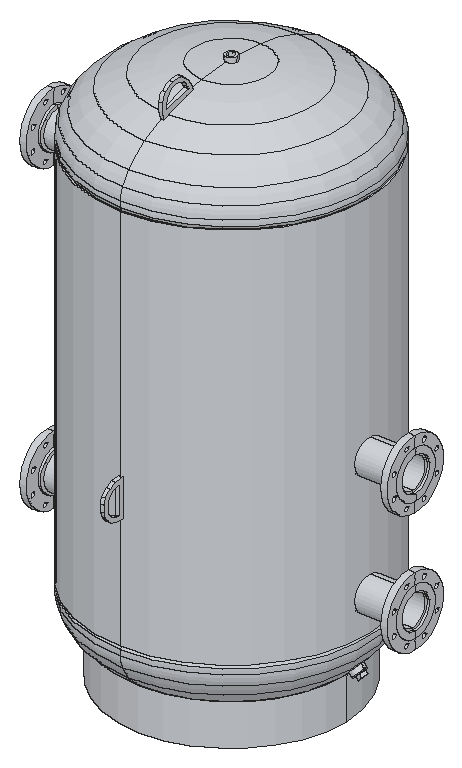
Revit family "HBT-300-44", category Generic Models, Revit 2014
Parameters (values of type "HBT-300-44")
  URL = "http://westank.com/"
  Tank Volume = 300.00 gal
  Part Number = 55643044
  Model = "HBT-300-44"
  Maximum Shipping Weight = 797 lbf
  G = 16"
  B = 4"
  A = 4"
  F = 32"
  E = 56"
  Description = "Wessels ASME 4-port primary-secondary Hot Water Buffer Tanks (HBT) are designed for use with today’s high efficiency systems that incorporate small modular low-mass boilers."
  D = 72"
  C = 36"
Reference planes (in)
  plane 1 "Center (Front/Back)": y = 0
  plane 2: z = 0
  plane 3 "Center (Left/Right)": x = 0
  plane 4: z = 0
  plane 5: x = -18
  plane 6: x = 18
  plane 7: z = 72
  plane 8: z = 56
  plane 9: z = 32
  plane 10: z = 16
Forms (in)
  Revolve 1, solid
    sketch origin (0, -0.02461, 0) x (0, 1, 0) y (0, 0, 1)
      loop
        line (-17.97559, 11.40987) -> (-17.77585, 11.40987)
        arc (-17.77585, 11.40987) -> (-17.77901, 11.38745) -> (-17.78675, 11.36617) r 0.10832
        line (-17.78675, 11.36617) -> (-17.97559, 10.97899)
        arc (-17.97559, 10.97899) -> (-17.97692, 10.6034) -> (-17.93634, 10.23002) r 3.36112
        arc (-17.93634, 10.23002) -> (-17.83534, 9.45516) -> (-17.56075, 8.72359) r 3.4127
        arc (-17.56075, 8.72359) -> (-17.14884, 7.91952) -> (-16.63227, 7.17835) r 6.68364
        arc (-16.63227, 7.17835) -> (-15.41449, 5.9118) -> (-13.99078, 4.88214) r 9.83519
        arc (-13.99078, 4.88214) -> (-12.33964, 3.99029) -> (-10.62031, 3.23825) r 22.63963
        arc (-10.62031, 3.23825) -> (-7.74153, 2.33452) -> (-4.76815, 1.82164) r 22.63963
        arc (-4.76815, 1.82164) -> (-2.37465, 1.61295) -> (0.02461, 1.4865) r 70.02787
        line (0.02461, 1.4865) -> (0.02461, 1.65848)
        arc (0.02461, 1.65848) -> (-2.3657, 1.78462) -> (-4.75028, 1.99258) r 69.85599
        arc (-4.75028, 1.99258) -> (-7.70109, 2.50157) -> (-10.55801, 3.39844) r 22.46775
        arc (-10.55801, 3.39844) -> (-12.26429, 4.14477) -> (-13.9029, 5.02985) r 22.46775
        arc (-13.9029, 5.02985) -> (-15.30173, 6.04151) -> (-16.49823, 7.28593) r 9.66331
        arc (-16.49823, 7.28593) -> (-17.00303, 8.01057) -> (-17.40515, 8.79685) r 6.51177
        arc (-17.40515, 8.79685) -> (-17.66943, 9.50016) -> (-17.76465, 10.24543) r 3.24083
        arc (-17.76465, 10.24543) -> (-17.80397, 10.58906) -> (-17.80585, 10.93493) r 3.18924
        line (-17.80585, 10.93493) -> (-17.63227, 11.29083)
        arc (-17.63227, 11.29083) -> (-17.60804, 11.35818) -> (-17.59889, 11.42917) r 0.33041
        line (-17.59889, 11.42917) -> (-17.80365, 11.42917) -> (-17.80365, 62.07314) -> (-17.59889, 62.07314)
        arc (-17.59889, 62.07314) -> (-17.60804, 62.14413) -> (-17.63227, 62.21149) r 0.33041
        line (-17.63227, 62.21149) -> (-17.80585, 62.56739)
        arc (-17.80585, 62.56739) -> (-17.80397, 62.91325) -> (-17.76465, 63.25688) r 3.18924
        arc (-17.76465, 63.25688) -> (-17.66943, 64.00215) -> (-17.40515, 64.70547) r 3.24083
        arc (-17.40515, 64.70547) -> (-17.00303, 65.49175) -> (-16.49823, 66.21639) r 6.51177
        arc (-16.49823, 66.21639) -> (-15.30173, 67.4608) -> (-13.9029, 68.47247) r 9.66331
        arc (-13.9029, 68.47247) -> (-12.26429, 69.35755) -> (-10.55801, 70.10388) r 22.46775
        arc (-10.55801, 70.10388) -> (-7.70109, 71.00074) -> (-4.75028, 71.50973) r 22.46775
        arc (-4.75028, 71.50973) -> (-2.3657, 71.71769) -> (0.02461, 71.84383) r 69.85599
        line (0.02461, 71.84383) -> (0.02461, 72.01582)
        arc (0.02461, 72.01582) -> (-2.37465, 71.88936) -> (-4.76815, 71.68068) r 70.02787
        arc (-4.76815, 71.68068) -> (-7.74153, 71.16779) -> (-10.62031, 70.26407) r 22.63963
        arc (-10.62031, 70.26407) -> (-12.33964, 69.51203) -> (-13.99078, 68.62018) r 22.63963
        arc (-13.99078, 68.62018) -> (-15.41449, 67.59052) -> (-16.63227, 66.32397) r 9.83519
        arc (-16.63227, 66.32397) -> (-17.14884, 65.58279) -> (-17.56075, 64.77872) r 6.68364
        arc (-17.56075, 64.77872) -> (-17.83534, 64.04715) -> (-17.93634, 63.2723) r 3.4127
        arc (-17.93634, 63.2723) -> (-17.97692, 62.89891) -> (-17.97559, 62.52332) r 3.36112
        line (-17.97559, 62.52332) -> (-17.78675, 62.13614)
        arc (-17.78675, 62.13614) -> (-17.77901, 62.11486) -> (-17.77585, 62.09244) r 0.10832
        line (-17.77585, 62.09244) -> (-17.97559, 62.09244) -> (-17.97559, 11.40987)
      axis (0.02461, 1.4865) -> (0.02461, 72.01582)
    angle from 0 to 360
  Revolve 2, solid
    sketch origin (-2.98639, 0, 41.50063) x (-1, 0, 0) y (0, 0, 1)
      loop
        line (19.69342, 12.25162) -> (19.69342, 11.84312) -> (20.06842, 11.84312) -> (20.06842, 9.99939) -> (20.94342, 9.99939) -> (20.94342, 11.40562) -> (21.00592, 11.40562) -> (21.00592, 12.25162) -> (19.69342, 12.25162)
      axis (21.00592, 14.49937) -> (19.69342, 14.49937)
    angle from 0 to 360
  Revolve 3, solid
    sketch origin (1.3301, 0, 3.24654) x (0.990017, 0, -0.140951) y (0.140951, 0, 0.990017)
      loop
        line (14.71753, 6.11956) -> (14.66586, 6.1556) -> (14.25436, 5.56561) -> (14.86992, 5.13627) -> (15.24588, 5.6753) -> (15.19462, 5.71106) -> (15.31904, 5.88945) -> (14.80641, 6.24699) -> (14.71753, 6.11956)
      axis (14.25436, 5.56561) -> (14.86992, 5.13627)
    angle from 0 to 360
  Extrusion 4, solid
    sketch origin (16.3437, -180, 7.27869) x (0.681658, 0, 0.731671) y (0, -1, 0)
      loop
        line (-0.16036, -179.52645) -> (-0.95521, -179.68698) -> (-0.79485, -180.48095) -> (0, -180.32042) -> (-0.16036, -179.52645)
    from 1.02698 to 1.52678
  Extrusion 5, solid
    sketch origin (0, -6.04905, 4.9833) x (0, 1, 0) y (0, 0, 1)
      loop
        line (-11.93439, 21.33067) -> (-11.93439, 26.202)
        arc (-11.93439, 26.202) -> (-12.47846, 26.15164) -> (-13.01533, 26.05008) r 5.77422
        arc (-13.01533, 26.05008) -> (-13.49297, 25.89754) -> (-13.94252, 25.67548) r 3.35288
        arc (-13.94252, 25.67548) -> (-14.34081, 25.36666) -> (-14.64962, 24.96837) r 2.0073
        arc (-14.64962, 24.96837) -> (-14.80343, 24.58932) -> (-14.88788, 24.18906) r 2.30742
        arc (-14.88788, 24.18906) -> (-14.91277, 23.77188) -> (-14.88788, 23.3547) r 3.50846
        arc (-14.88788, 23.3547) -> (-14.79412, 22.92876) -> (-14.61961, 22.52904) r 2.24053
        arc (-14.61961, 22.52904) -> (-14.27401, 22.08806) -> (-13.80999, 21.77406) r 1.8078
        arc (-13.80999, 21.77406) -> (-13.34321, 21.55591) -> (-12.84107, 21.44044) r 2.44481
        arc (-12.84107, 21.44044) -> (-12.39043, 21.36326) -> (-11.93439, 21.33067) r 4.65484
      loop
        arc (-12.44611, 25.63929) -> (-12.67227, 25.60073) -> (-12.89654, 25.55235) r 5.2625
        arc (-12.89654, 25.55235) -> (-13.30128, 25.42308) -> (-13.68221, 25.23491) r 2.84116
        arc (-13.68221, 25.23491) -> (-13.97364, 25.01013) -> (-14.20134, 24.72098) r 1.49558
        arc (-14.20134, 24.72098) -> (-14.3163, 24.43235) -> (-14.37979, 24.12821) r 1.7957
        arc (-14.37979, 24.12821) -> (-14.40106, 23.77188) -> (-14.37979, 23.41555) r 2.99674
        arc (-14.37979, 23.41555) -> (-14.30745, 23.08689) -> (-14.17279, 22.77846) r 1.72881
        arc (-14.17279, 22.77846) -> (-13.91552, 22.45353) -> (-13.56884, 22.22643) r 1.29608
        arc (-13.56884, 22.22643) -> (-13.1779, 22.0402) -> (-12.75531, 21.94566) r 1.9331
        arc (-12.75531, 21.94566) -> (-12.60126, 21.91347) -> (-12.44611, 21.88716) r 4.14312
        line (-12.44611, 21.88716) -> (-12.44611, 25.63929)
    from -0.24366 to 0.25634
  Extrusion 6, solid
    sketch origin (0, -28.53332, 53.09576) x (0, 0.284015, -0.95882) y (0, 0.95882, 0.284015)
      loop
        arc (-11.9298, 25.67102) -> (-12.15596, 25.63246) -> (-12.38023, 25.58408) r 5.2625
        arc (-12.38023, 25.58408) -> (-12.78497, 25.45482) -> (-13.16591, 25.26664) r 2.84116
        arc (-13.16591, 25.26664) -> (-13.45733, 25.04186) -> (-13.68503, 24.75271) r 1.49558
        arc (-13.68503, 24.75271) -> (-13.8, 24.46408) -> (-13.86349, 24.15994) r 1.7957
        arc (-13.86349, 24.15994) -> (-13.88475, 23.80361) -> (-13.86349, 23.44728) r 2.99674
        arc (-13.86349, 23.44728) -> (-13.79114, 23.11862) -> (-13.65649, 22.81019) r 1.72881
        arc (-13.65649, 22.81019) -> (-13.39922, 22.48527) -> (-13.05253, 22.25816) r 1.29608
        arc (-13.05253, 22.25816) -> (-12.66159, 22.07193) -> (-12.239, 21.97739) r 1.9331
        arc (-12.239, 21.97739) -> (-12.08496, 21.94521) -> (-11.9298, 21.91889) r 4.14312
        line (-11.9298, 21.91889) -> (-11.9298, 25.67102)
      loop
        line (-11.1798, 21.34267) -> (-11.1798, 26.18132)
        arc (-11.1798, 26.18132) -> (-12.12256, 26.16802) -> (-13.02719, 25.90227) r 3.48194
        arc (-13.02719, 25.90227) -> (-13.54727, 25.6041) -> (-13.99851, 25.20943) r 3.03185
        arc (-13.99851, 25.20943) -> (-14.28248, 24.55653) -> (-14.39992, 23.8543) r 2.91879
        arc (-14.39992, 23.8543) -> (-14.3348, 23.1787) -> (-14.08611, 22.54717) r 2.44012
        arc (-14.08611, 22.54717) -> (-13.716, 22.08641) -> (-13.21844, 21.76749) r 1.83162
        arc (-13.21844, 21.76749) -> (-12.2207, 21.45151) -> (-11.1798, 21.34267) r 5.1769
    from -0.24366 to 0.25634
  Extrusion 7, solid
    sketch origin (0, 0, 0) x (1, 0, 0) y (0, 1, 0)
      loop
        circle (0, 0) r 0.75
      loop
        circle (0, 0) r 0.5
    from 71.36613 to 72.49354
  Extrusion 8, void
    sketch origin (-3.60333, 0.13917, 42.92009) x (0, 1, 0) y (0, 0, -1)
      loop
        circle (1.30132, -16.54217) r 0.39709
      loop
        circle (-1.56705, -16.54739) r 0.36639
      loop
        circle (-3.60255, -14.51771) r 0.39644
      loop
        circle (-3.60937, -11.65864) r 0.39509
      loop
        circle (-1.59929, -9.62587) r 0.36154
      loop
        circle (1.29595, -9.61541) r 0.37125
      loop
        circle (3.31863, -14.53108) r 0.38234
      loop
        circle (3.32718, -11.64927) r 0.36602
    from 15.80097 to 22.64667
  Extrusion 9, void
    sketch origin (0, 0, 0) x (1, 0, 0) y (0, 1, 0)
      loop
        circle (0, 0) r 0.5
    from 70.90268 to 73.75579
  Revolve 10, solid
    sketch origin (0, 0, 0) x (1, 0, 0) y (0, 0, 1)
      loop
        line (14.82824, 5.43485) -> (14.82824, 0) -> (15, 0) -> (15, 5.43485) -> (14.82824, 5.43485)
      axis (0, 5.43485) -> (0, 0)
    angle from 0 to 360
  Revolve 11, solid
    sketch origin (-3.58795, 0, 41.50258) x (1, 0, 0) y (0, 0, 1)
      loop
        line (-13.77936, 12.48441) -> (-20.02936, 12.48441) -> (-20.02936, 12.24742) -> (-13.77936, 12.24742) -> (-13.77936, 12.48441)
      axis (-20.02936, 14.49742) -> (-13.77936, 14.49742)
    angle from 0 to 360
  Extrusion 12, void
    sketch origin (0, 0, 0.25) x (0, 1, 0) y (0, 0, 1)
      loop
        circle (0, 55.75) r 2.013
    from -21.98599 to -16.85333
  Revolve 13, solid
    sketch origin (3.00177, 0, 1.50063) x (1, 0, 0) y (0, 0, 1)
      loop
        line (19.69342, 12.25173) -> (19.69342, 11.84314) -> (20.06842, 11.84314) -> (20.06842, 9.99924) -> (20.94342, 9.99924) -> (20.94342, 11.40561) -> (21.00592, 11.40561) -> (21.00592, 12.25173) -> (19.69342, 12.25173)
      axis (21.00592, 14.49937) -> (19.69342, 14.49937)
    angle from 0 to 360
  Revolve 14, solid
    sketch origin (3.60333, 0, 1.50258) x (-1, 0, 0) y (0, 0, 1)
      loop
        line (-13.77936, 12.48442) -> (-20.02936, 12.48442) -> (-20.02936, 12.24742) -> (-13.77936, 12.24742) -> (-13.77936, 12.48442)
      axis (-20.02936, 14.49742) -> (-13.77936, 14.49742)
    angle from 0 to 360
  Extrusion 15, void
    sketch origin (-3.60333, 0.13917, 2.92009) x (0, 1, 0) y (0, 0, -1)
      loop
        circle (1.30132, -16.54217) r 0.39709
      loop
        circle (-1.56705, -16.54739) r 0.36639
      loop
        circle (-3.60255, -14.51771) r 0.39644
      loop
        circle (-3.60937, -11.65864) r 0.39509
      loop
        circle (-1.59929, -9.62587) r 0.36154
      loop
        circle (1.29595, -9.61541) r 0.37125
      loop
        circle (3.31863, -14.53108) r 0.38234
      loop
        circle (3.32718, -11.64927) r 0.36602
    from 22.86736 to 18.16765
  Extrusion 16, void
    sketch origin (3.60333, 0.13917, 2.92009) x (0, 1, 0) y (0, 0, 1)
      loop
        circle (1.30132, 16.54217) r 0.39709
      loop
        circle (-1.56705, 16.54739) r 0.36639
      loop
        circle (-3.60255, 14.51771) r 0.39644
      loop
        circle (-3.60937, 11.65864) r 0.39509
      loop
        circle (-1.59929, 9.62587) r 0.36154
      loop
        circle (1.29595, 9.61541) r 0.37125
      loop
        circle (3.31863, 14.53108) r 0.38234
      loop
        circle (3.32718, 11.64927) r 0.36602
    from 22.86736 to 16.64667
  Revolve 17, solid
    sketch origin (3.00177, 0, 17.50063) x (1, 0, 0) y (0, 0, 1)
      loop
        line (19.69342, 12.25173) -> (19.69342, 11.84314) -> (20.06842, 11.84314) -> (20.06842, 9.99924) -> (20.94342, 9.99924) -> (20.94342, 11.40561) -> (21.00592, 11.40561) -> (21.00592, 12.25173) -> (19.69342, 12.25173)
      axis (21.00592, 14.49937) -> (19.69342, 14.49937)
    angle from 0 to 360
  Revolve 18, solid
    sketch origin (3.60333, 0, 17.50258) x (-1, 0, 0) y (0, 0, 1)
      loop
        line (-13.77936, 12.48442) -> (-20.02936, 12.48442) -> (-20.02936, 12.24742) -> (-13.77936, 12.24742) -> (-13.77936, 12.48442)
      axis (-20.02936, 14.49742) -> (-13.77936, 14.49742)
    angle from 0 to 360
  Extrusion 19, void
    sketch origin (3.60333, 0.13917, 18.92009) x (0, 1, 0) y (0, 0, 1)
      loop
        circle (1.30132, 16.54217) r 0.39709
      loop
        circle (-1.56705, 16.54739) r 0.36639
      loop
        circle (-3.60255, 14.51771) r 0.39644
      loop
        circle (-3.60937, 11.65864) r 0.39509
      loop
        circle (-1.59929, 9.62587) r 0.36154
      loop
        circle (1.29595, 9.61541) r 0.37125
      loop
        circle (3.31863, 14.53108) r 0.38234
      loop
        circle (3.32718, 11.64927) r 0.36602
    from 22.86736 to 16.64667
  Revolve 20, solid
    sketch origin (-2.98639, 0, 1.50063) x (-1, 0, 0) y (0, 0, 1)
      loop
        line (19.69342, 12.25162) -> (19.69342, 11.84312) -> (20.06842, 11.84312) -> (20.06842, 9.99939) -> (20.94342, 9.99939) -> (20.94342, 11.40562) -> (21.00592, 11.40562) -> (21.00592, 12.25162) -> (19.69342, 12.25162)
      axis (21.00592, 14.49937) -> (19.69342, 14.49937)
    angle from 0 to 360
  Revolve 21, solid
    sketch origin (-3.58795, 0, 1.50258) x (1, 0, 0) y (0, 0, 1)
      loop
        line (-13.77936, 12.48441) -> (-20.02936, 12.48441) -> (-20.02936, 12.24742) -> (-13.77936, 12.24742) -> (-13.77936, 12.48441)
      axis (-20.02936, 14.49742) -> (-13.77936, 14.49742)
    angle from 0 to 360
  Extrusion 22, void
    sketch origin (0, 0, 0) x (0, 1, 0) y (0, 0, 1)
      loop
        circle (0, 16) r 2.013
      loop
        circle (0, 32) r 2.013
    from 10.01969 to 28.21152
  Extrusion 23, void
    sketch origin (0, 0, 0) x (0, 1, 0) y (0, 0, 1)
      loop
        circle (0, 16) r 2.013
    from -25.80262 to -14.49862
Cuts and joins
  joined: Extrusion 4, Extrusion 5, Extrusion 6, Extrusion 7, Revolve 10
  Extrusion 9, Extrusion 12, Extrusion 15, Extrusion 22, Extrusion 23 cuts Revolve 1
  Extrusion 8, Extrusion 15 cuts Revolve 2
  joined: Revolve 1, Revolve 2
  Extrusion 16, Extrusion 19 cuts Revolve 13
  Extrusion 15 cuts Revolve 20
  Extrusion 19 cuts Revolve 17
Dimensions and locks (in)
  "D": plane 7 to plane 4
  "G": plane 10 to plane 4
  "F": plane 9 to plane 4
  "E": plane 8 to plane 4
  "C": plane 6 to plane 5
  aligned and locked: plane 2 to level
Automatic sketch dimensions
  Revolve 1 sketch curve to Revolve 1 sketch curve = 0"  (x56)
  Revolve 1 sketch curve to plane 1 "Center (Front/Back)" = 0"  (x3)
  plane 1 "Center (Front/Back)" to Revolve 1 sketch curve = 2.43969"  (x2)
  Revolve 1 sketch curve to plane 10 = 2.66549"
  plane 1 "Center (Front/Back)" to Revolve 1 sketch curve = 8.98663"  (x2)
  plane 8 to Revolve 1 sketch curve = 4.16781"
  Revolve 1 sketch curve to Revolve 1 sketch curve = 2.45782"  (x2)
  Revolve 1 sketch curve to Revolve 1 sketch curve = 3.10417"  (x2)
  Revolve 1 sketch curve to Revolve 1 sketch curve = 0.0964"  (x2)
  Revolve 1 sketch curve to Revolve 1 sketch curve = 2.97849"  (x2)
  plane 8 to Revolve 1 sketch curve = 6.21149"
  Revolve 1 sketch curve to Revolve 1 sketch curve = 0.03338"  (x2)
  Revolve 1 sketch curve to plane 10 = 4.70917"
  Revolve 1 sketch curve to Revolve 1 sketch curve = 0.17696"  (x2)
  Revolve 1 sketch curve to plane 10 = 4.63383"
  Revolve 1 sketch curve to Revolve 1 sketch curve = 0.0109"  (x2)
  plane 8 to Revolve 1 sketch curve = 6.13614"
  Revolve 1 sketch curve to Revolve 1 sketch curve = 0.0278"
  plane 8 to Revolve 1 sketch curve = 6.56739"
  Revolve 1 sketch curve to Revolve 1 sketch curve = 0.17358"  (x2)
  Revolve 1 sketch curve to plane 10 = 5.06507"
  Revolve 1 sketch curve to Revolve 1 sketch curve = 0.08045"  (x2)
  Revolve 1 sketch curve to Revolve 1 sketch curve = 0.04514"  (x2)
  Revolve 1 sketch curve to Revolve 1 sketch curve = 0.04635"
  Revolve 1 sketch curve to plane 10 = 5.02101"
  Revolve 1 sketch curve to Revolve 1 sketch curve = 0.16974"  (x2)
  plane 8 to Revolve 1 sketch curve = 6.52332"
  Revolve 1 sketch curve to plane 7 = 0.52976"
  Revolve 1 sketch curve to plane 1 "Center (Front/Back)" = 2.48565"  (x2)
  Revolve 1 sketch curve to Revolve 1 sketch curve = 0.51151"
  Revolve 1 sketch curve to Revolve 1 sketch curve = 0.49854"  (x2)
  level to Revolve 1 sketch curve = 2.03208"
  level to Revolve 1 sketch curve = 1.65848"
  Revolve 1 sketch curve to Revolve 1 sketch curve = 0.17198"
  Revolve 1 sketch curve to Revolve 1 sketch curve = 1 249/256"  (x2)
  Revolve 1 sketch curve to Revolve 1 sketch curve = 0.0437"
  Revolve 1 sketch curve to Revolve 1 sketch curve = 0.0193"
  Revolve 1 sketch curve to plane 9 = 7.66135"
  Revolve 1 sketch curve to plane 8 = 6.83634"
  Revolve 1 sketch curve to Revolve 1 sketch curve = 0.0695"
  Revolve 1 sketch curve to Revolve 1 sketch curve = 0.02202"
  Revolve 1 sketch curve to Revolve 1 sketch curve = 0.64986"
  Revolve 1 sketch curve to plane 7 = 0.15617"
  plane 7 to Revolve 1 sketch curve = 0.01582"
  Revolve 1 sketch curve to plane 7 = 1.89612"
  level to Revolve 1 sketch curve = 3 51/128"
  Revolve 1 sketch curve to Revolve 1 sketch curve = 0.06229"  (x2)
  Revolve 1 sketch curve to Revolve 1 sketch curve = 0.90692"  (x2)
  Revolve 1 sketch curve to Revolve 1 sketch curve = 0.1556"  (x2)
  Revolve 1 sketch curve to plane 9 = 3.10692"
  plane 9 to Revolve 1 sketch curve = 0.64308"
  Revolve 2 sketch curve to plane 8 = 0"
  plane 5 to Revolve 2 sketch curve = 4.67981"
  Revolve 2 sketch curve to Revolve 2 sketch curve = 3/8"
  Revolve 2 sketch curve to Revolve 2 sketch curve = 7/8"
  Revolve 2 sketch curve to Revolve 2 sketch curve = 1/16"
  plane 8 to Revolve 2 sketch curve = 2.24774"
  Revolve 2 sketch curve to Revolve 2 sketch curve = 0.40851"
  Revolve 2 sketch curve to Revolve 2 sketch curve = 0.84601"
  Revolve 2 sketch curve to Revolve 2 sketch curve = 1.40622"
  Revolve 2 sketch curve to plane 5 = 0.59331"
  Revolve 2 sketch curve to Revolve 2 sketch curve = 0.68278"
  Revolve 3 sketch curve to plane 6 = 1.77337"
  level to Revolve 3 sketch curve = 6.74742"
  Revolve 3 sketch curve to Revolve 3 sketch curve = 0.4115"
  Revolve 3 sketch curve to Revolve 3 sketch curve = 0.05167"
  Revolve 3 sketch curve to Revolve 3 sketch curve = 0.08888"
  Revolve 3 sketch curve to Revolve 3 sketch curve = 0.61556"
  Revolve 3 sketch curve to Revolve 3 sketch curve = 0.47709"
  Revolve 3 sketch curve to Revolve 3 sketch curve = 0.05126"
  Revolve 3 sketch curve to Revolve 3 sketch curve = 0.42934"
  Revolve 3 sketch curve to Revolve 3 sketch curve = 0.12768"
  Revolve 3 sketch curve to Revolve 3 sketch curve = 0"  (x2)
  Revolve 3 sketch curve to Revolve 3 sketch curve = 0.08905"
  plane 1 "Center (Front/Back)" to Extrusion 4 sketch curve = 0.31302"
  Extrusion 4 sketch curve to plane 1 "Center (Front/Back)" = 0.48095"
  Extrusion 4 sketch curve to Extrusion 4 sketch curve = 0.16036"  (x2)
  plane 1 "Center (Front/Back)" to Extrusion 4 sketch curve = 0.47355"
  Extrusion 4 sketch curve to Extrusion 4 sketch curve = 0.79485"
  Extrusion 4 sketch curve to plane 1 "Center (Front/Back)" = 0.32042"
  Extrusion 5 sketch curve to Extrusion 5 sketch curve = 0"  (x24)
  Extrusion 5 sketch curve to plane 9 = 3.6065"
  plane 1 "Center (Front/Back)" to Extrusion 5 sketch curve = 19.09014"
  Extrusion 5 sketch curve to Extrusion 5 sketch curve = 0.11966"
  Extrusion 5 sketch curve to Extrusion 5 sketch curve = 0.25819"
  Extrusion 5 sketch curve to Extrusion 5 sketch curve = 17/256"
  Extrusion 5 sketch curve to Extrusion 5 sketch curve = 0.04958"
  Extrusion 5 sketch curve to Extrusion 5 sketch curve = 0.15073"
  Extrusion 5 sketch curve to Extrusion 5 sketch curve = 0.20915"
  Extrusion 5 sketch curve to Extrusion 5 sketch curve = 131/256"
  Extrusion 5 sketch curve to Extrusion 5 sketch curve = 0.10338"
  Extrusion 5 sketch curve to Extrusion 5 sketch curve = 0.25955"
  Extrusion 5 sketch curve to Extrusion 5 sketch curve = 1.14294"
  Extrusion 5 sketch curve to Extrusion 5 sketch curve = 0.62139"
  Extrusion 5 sketch curve to Extrusion 5 sketch curve = 0.90165"
  Extrusion 5 sketch curve to Extrusion 5 sketch curve = 0.55648"
  Extrusion 5 sketch curve to Extrusion 5 sketch curve = 0.89706"
  Extrusion 5 sketch curve to Extrusion 5 sketch curve = 27/128"
  Extrusion 5 sketch curve to Extrusion 5 sketch curve = 0.15076"
  Extrusion 5 sketch curve to Extrusion 5 sketch curve = 0.24641"
  Extrusion 5 sketch curve to Extrusion 5 sketch curve = 0.04716"
  Extrusion 5 sketch curve to Extrusion 5 sketch curve = 0.0326"
  Extrusion 5 sketch curve to plane 9 = 1.37741"
  Extrusion 5 sketch curve to Extrusion 5 sketch curve = 0.34507"
  Extrusion 5 sketch curve to Extrusion 5 sketch curve = 0.21764"
  Extrusion 5 sketch curve to Extrusion 5 sketch curve = 1.12273"
  Extrusion 5 sketch curve to Extrusion 5 sketch curve = 0.78568"
  Extrusion 5 sketch curve to Extrusion 5 sketch curve = 0.24115"
  Extrusion 5 sketch curve to Extrusion 5 sketch curve = 0.2603"
  Extrusion 5 sketch curve to Extrusion 5 sketch curve = 0.60395"
  Extrusion 5 sketch curve to Extrusion 5 sketch curve = 0.51913"
  Extrusion 5 sketch curve to Extrusion 5 sketch curve = 0.44682"
  Extrusion 5 sketch curve to Extrusion 5 sketch curve = 0.44829"
  Extrusion 7 sketch curve to Extrusion 7 sketch curve = 0"  (x2)
  plane 1 "Center (Front/Back)" to Extrusion 7 sketch curve = 0"
  Extrusion 7 sketch curve to plane 3 "Center (Left/Right)" = 0"
  Extrusion 8 sketch curve to plane 8 = 1.42127"
  plane 1 "Center (Front/Back)" to Extrusion 8 sketch curve = 3.4702"
  Extrusion 8 sketch curve to Extrusion 8 sketch curve = 0.00682"
  plane 1 "Center (Front/Back)" to Extrusion 8 sketch curve = 1.46012"
  plane 1 "Center (Front/Back)" to Extrusion 8 sketch curve = 1.42788"
  Extrusion 8 sketch curve to plane 1 "Center (Front/Back)" = 1.43512"
  Extrusion 8 sketch curve to plane 1 "Center (Front/Back)" = 1.44049"
  Extrusion 8 sketch curve to Extrusion 8 sketch curve = 2.01731"
  Extrusion 8 sketch curve to plane 8 = 1.43064"
  Extrusion 8 sketch curve to Extrusion 8 sketch curve = 2 1/32"
  plane 8 to Extrusion 8 sketch curve = 1.4378"
  plane 8 to Extrusion 8 sketch curve = 1.45117"
  Extrusion 8 sketch curve to Extrusion 8 sketch curve = 2.01109"
  Extrusion 8 sketch curve to Extrusion 8 sketch curve = 0.00522"
  Extrusion 8 sketch curve to Extrusion 8 sketch curve = 2.03277"
  Extrusion 8 sketch curve to Extrusion 8 sketch curve = 2.03386"
  Extrusion 9 sketch curve to Extrusion 9 sketch curve = 0"  (x2)
  plane 1 "Center (Front/Back)" to Extrusion 9 sketch curve = 0"
  Extrusion 9 sketch curve to plane 3 "Center (Left/Right)" = 0"
  Extrusion 9 sketch curve to plane 3 "Center (Left/Right)" = 1/2"
  Revolve 10 sketch curve to plane 3 "Center (Left/Right)" = 0"
  Revolve 10 sketch curve to level = 0"
  Revolve 10 sketch curve to plane 6 = 3.17176"
  Revolve 10 sketch curve to Revolve 10 sketch curve = 0.17176"
  level to Revolve 10 sketch curve = 5.43485"
  level to Revolve 10 sketch curve = 4.69941"
  Revolve 10 sketch curve to Revolve 10 sketch curve = 1"
  Revolve 11 sketch curve to plane 8 = 0"
  Revolve 11 sketch curve to plane 8 = 2 1/4"
  Revolve 11 sketch curve to plane 5 = 5.61731"
  plane 5 to Revolve 11 sketch curve = 0.63269"
  Revolve 11 sketch curve to Revolve 11 sketch curve = 0.237"
  Revolve 11 sketch curve to plane 5 = 0.15872"
  plane 5 to Revolve 11 sketch curve = 0.20143"
  Revolve 13 sketch curve to plane 10 = 0"
  plane 6 to Revolve 13 sketch curve = 4.69519"
  Revolve 13 sketch curve to Revolve 13 sketch curve = 3/8"
  Revolve 13 sketch curve to Revolve 13 sketch curve = 7/8"
  Revolve 13 sketch curve to Revolve 13 sketch curve = 1/16"
  Revolve 13 sketch curve to plane 10 = 2.24764"
  Revolve 13 sketch curve to Revolve 13 sketch curve = 0.40859"
  Revolve 13 sketch curve to Revolve 13 sketch curve = 0.84612"
  Revolve 13 sketch curve to Revolve 13 sketch curve = 1.40637"
  Revolve 13 sketch curve to plane 6 = 0.57793"
  Revolve 13 sketch curve to Revolve 13 sketch curve = 0.68278"
  Revolve 14 sketch curve to plane 10 = 0"
  plane 10 to Revolve 14 sketch curve = 2 1/4"
  Revolve 14 sketch curve to plane 6 = 5.63269"
  plane 6 to Revolve 14 sketch curve = 0.61731"
  Revolve 14 sketch curve to Revolve 14 sketch curve = 0.237"
  Revolve 14 sketch curve to plane 6 = 0.1741"
  plane 6 to Revolve 14 sketch curve = 0.18605"
  Extrusion 15 sketch curve to plane 10 = 1.42127"
  plane 1 "Center (Front/Back)" to Extrusion 15 sketch curve = 3.4702"
  Extrusion 15 sketch curve to Extrusion 15 sketch curve = 0.00682"
  plane 1 "Center (Front/Back)" to Extrusion 15 sketch curve = 1.46012"
  plane 1 "Center (Front/Back)" to Extrusion 15 sketch curve = 1.42788"
  Extrusion 15 sketch curve to plane 1 "Center (Front/Back)" = 1.43512"
  Extrusion 15 sketch curve to plane 1 "Center (Front/Back)" = 1.44049"
  Extrusion 15 sketch curve to Extrusion 15 sketch curve = 2.01731"
  Extrusion 15 sketch curve to plane 10 = 1.43064"
  Extrusion 15 sketch curve to Extrusion 15 sketch curve = 2 1/32"
  plane 10 to Extrusion 15 sketch curve = 1.4378"
  plane 10 to Extrusion 15 sketch curve = 1.45117"
  Extrusion 15 sketch curve to Extrusion 15 sketch curve = 2.01109"
  Extrusion 15 sketch curve to Extrusion 15 sketch curve = 0.00522"
  Extrusion 15 sketch curve to Extrusion 15 sketch curve = 2.03277"
  Extrusion 15 sketch curve to Extrusion 15 sketch curve = 2.03386"
  Extrusion 16 sketch curve to plane 10 = 1.42127"
  plane 1 "Center (Front/Back)" to Extrusion 16 sketch curve = 3.4702"
  Extrusion 16 sketch curve to Extrusion 16 sketch curve = 0.00682"
  plane 1 "Center (Front/Back)" to Extrusion 16 sketch curve = 1.46012"
  plane 1 "Center (Front/Back)" to Extrusion 16 sketch curve = 1.42788"
  Extrusion 16 sketch curve to plane 1 "Center (Front/Back)" = 1.43512"
  Extrusion 16 sketch curve to plane 1 "Center (Front/Back)" = 1.44049"
  Extrusion 16 sketch curve to Extrusion 16 sketch curve = 2.01731"
  Extrusion 16 sketch curve to plane 10 = 1.43064"
  Extrusion 16 sketch curve to Extrusion 16 sketch curve = 2 1/32"
  Extrusion 16 sketch curve to Extrusion 16 sketch curve = 2.03277"
  Extrusion 16 sketch curve to Extrusion 16 sketch curve = 2.03386"
  plane 10 to Extrusion 16 sketch curve = 1.4378"
  plane 10 to Extrusion 16 sketch curve = 1.45117"
  Extrusion 16 sketch curve to Extrusion 16 sketch curve = 2.01109"
  Extrusion 16 sketch curve to Extrusion 16 sketch curve = 0.00522"
  Revolve 17 sketch curve to plane 9 = 0"
  plane 6 to Revolve 17 sketch curve = 4.69519"
  Revolve 17 sketch curve to Revolve 17 sketch curve = 3/8"
  Revolve 17 sketch curve to Revolve 17 sketch curve = 7/8"
  Revolve 17 sketch curve to Revolve 17 sketch curve = 1/16"
  Revolve 17 sketch curve to plane 9 = 2.24764"
  Revolve 17 sketch curve to Revolve 17 sketch curve = 0.40859"
  Revolve 17 sketch curve to Revolve 17 sketch curve = 0.84612"
  Revolve 17 sketch curve to Revolve 17 sketch curve = 1.40637"
  Revolve 17 sketch curve to plane 6 = 0.57793"
  Revolve 17 sketch curve to Revolve 17 sketch curve = 0.68278"
  Revolve 18 sketch curve to plane 9 = 0"
  plane 9 to Revolve 18 sketch curve = 2 1/4"
  Revolve 18 sketch curve to plane 6 = 5.63269"
  plane 6 to Revolve 18 sketch curve = 0.61731"
  Revolve 18 sketch curve to Revolve 18 sketch curve = 0.237"
  Revolve 18 sketch curve to plane 6 = 0.1741"
  plane 6 to Revolve 18 sketch curve = 0.18605"
  Extrusion 19 sketch curve to plane 9 = 1.42127"
  plane 1 "Center (Front/Back)" to Extrusion 19 sketch curve = 3.4702"
  Extrusion 19 sketch curve to Extrusion 19 sketch curve = 0.00682"
  plane 1 "Center (Front/Back)" to Extrusion 19 sketch curve = 1.46012"
  plane 1 "Center (Front/Back)" to Extrusion 19 sketch curve = 1.42788"
  Extrusion 19 sketch curve to plane 1 "Center (Front/Back)" = 1.43512"
  Extrusion 19 sketch curve to plane 1 "Center (Front/Back)" = 1.44049"
  Extrusion 19 sketch curve to Extrusion 19 sketch curve = 2.01731"
  Extrusion 19 sketch curve to plane 9 = 1.43064"
  Extrusion 19 sketch curve to Extrusion 19 sketch curve = 2 1/32"
  Extrusion 19 sketch curve to Extrusion 19 sketch curve = 2.03277"
  Extrusion 19 sketch curve to Extrusion 19 sketch curve = 2.03386"
  plane 9 to Extrusion 19 sketch curve = 1.4378"
  plane 9 to Extrusion 19 sketch curve = 1.45117"
  Extrusion 19 sketch curve to Extrusion 19 sketch curve = 2.01109"
  Extrusion 19 sketch curve to Extrusion 19 sketch curve = 0.00522"
  Revolve 20 sketch curve to plane 10 = 0"
  plane 5 to Revolve 20 sketch curve = 4.67981"
  Revolve 20 sketch curve to Revolve 20 sketch curve = 3/8"
  Revolve 20 sketch curve to Revolve 20 sketch curve = 7/8"
  Revolve 20 sketch curve to Revolve 20 sketch curve = 1/16"
  plane 10 to Revolve 20 sketch curve = 2.24774"
  Revolve 20 sketch curve to Revolve 20 sketch curve = 0.40851"
  Revolve 20 sketch curve to Revolve 20 sketch curve = 0.84601"
  Revolve 20 sketch curve to Revolve 20 sketch curve = 1.40622"
  Revolve 20 sketch curve to plane 5 = 0.59331"
  Revolve 20 sketch curve to Revolve 20 sketch curve = 0.68278"
  Revolve 21 sketch curve to plane 10 = 0"
  Revolve 21 sketch curve to plane 10 = 2 1/4"
  Revolve 21 sketch curve to plane 5 = 5.61731"
  plane 5 to Revolve 21 sketch curve = 0.63269"
  Revolve 21 sketch curve to Revolve 21 sketch curve = 0.237"
  Revolve 21 sketch curve to plane 5 = 0.15872"
  plane 5 to Revolve 21 sketch curve = 0.20143"
  Extrusion 12 sketch curve to Extrusion 12 sketch curve = 0"  (x2)
  Extrusion 12 sketch curve to plane 1 "Center (Front/Back)" = 0"
  Extrusion 12 sketch curve to plane 8 = 0"
  Extrusion 12 sketch curve to Extrusion 12 sketch curve = 2.013"
  Extrusion 22 sketch curve to plane 1 "Center (Front/Back)" = 0"  (x2)
  Extrusion 22 sketch curve to plane 10 = 0"
  Extrusion 22 sketch curve to plane 10 = 2.013"
  Extrusion 22 sketch curve to Extrusion 22 sketch curve = 0"  (x2)
  Extrusion 22 sketch curve to plane 9 = 0"
  Extrusion 22 sketch curve to plane 9 = 2.013"
  Extrusion 23 sketch curve to Extrusion 23 sketch curve = 0"  (x2)
  Extrusion 23 sketch curve to plane 1 "Center (Front/Back)" = 0"
  Extrusion 23 sketch curve to plane 10 = 0"
  Extrusion 23 sketch curve to plane 10 = 2.013"
  Extrusion 6 sketch curve to plane 7 = 0.23736"
  plane 1 "Center (Front/Back)" to Extrusion 6 sketch curve = 9.61397"
  Extrusion 6 sketch curve to Extrusion 6 sketch curve = 0.03301"
  Extrusion 6 sketch curve to Extrusion 6 sketch curve = 0.08665"
  Extrusion 6 sketch curve to Extrusion 6 sketch curve = 0.34483"
  Extrusion 6 sketch curve to Extrusion 6 sketch curve = 17/256"
  Extrusion 6 sketch curve to Extrusion 6 sketch curve = 0.04958"
  Extrusion 6 sketch curve to Extrusion 6 sketch curve = 0.06885"
  Extrusion 6 sketch curve to Extrusion 6 sketch curve = 0.15073"
  Extrusion 6 sketch curve to Extrusion 6 sketch curve = 0.36028"
  Extrusion 6 sketch curve to Extrusion 6 sketch curve = 0.06601"
  Extrusion 6 sketch curve to Extrusion 6 sketch curve = 0.11815"
  Extrusion 6 sketch curve to Extrusion 6 sketch curve = 0.47821"
  Extrusion 6 sketch curve to Extrusion 6 sketch curve = 0.6151"
  Extrusion 6 sketch curve to Extrusion 6 sketch curve = 0.1349"
  Extrusion 6 sketch curve to Extrusion 6 sketch curve = 0.01521"
  Extrusion 6 sketch curve to Extrusion 6 sketch curve = 0.02126"
  Extrusion 6 sketch curve to Extrusion 6 sketch curve = 0.59588"
  Extrusion 6 sketch curve to Extrusion 6 sketch curve = 0.3061"
  Extrusion 6 sketch curve to Extrusion 6 sketch curve = 0.31529"
  Extrusion 6 sketch curve to Extrusion 6 sketch curve = 0.0954"
  Extrusion 6 sketch curve to Extrusion 6 sketch curve = 0.80625"
  Extrusion 6 sketch curve to Extrusion 6 sketch curve = 0.57623"
  Extrusion 6 sketch curve to Extrusion 6 sketch curve = 0.87732"
  Extrusion 6 sketch curve to Extrusion 6 sketch curve = 0.00686"
  Extrusion 6 sketch curve to Extrusion 6 sketch curve = 0.20406"
  Extrusion 6 sketch curve to Extrusion 6 sketch curve = 0.59172"
  Extrusion 6 sketch curve to Extrusion 6 sketch curve = 0.09548"
  Extrusion 6 sketch curve to Extrusion 6 sketch curve = 0.07607"
  Extrusion 6 sketch curve to Extrusion 6 sketch curve = 0.15093"
  Extrusion 6 sketch curve to Extrusion 6 sketch curve = 0.04716"
  Extrusion 6 sketch curve to Extrusion 6 sketch curve = 0.0326"
  Extrusion 6 sketch curve to Extrusion 6 sketch curve = 1.7246"
  Extrusion 6 sketch curve to Extrusion 6 sketch curve = 0.34507"
  Extrusion 6 sketch curve to Extrusion 6 sketch curve = 0.16523"
  Extrusion 6 sketch curve to Extrusion 6 sketch curve = 0.33822"
  Extrusion 6 sketch curve to Extrusion 6 sketch curve = 0"  (x6)
  Extrusion 6 sketch curve to Extrusion 6 sketch curve = 0.1659"
  Extrusion 6 sketch curve to Extrusion 6 sketch curve = 0.13872"
  Extrusion 6 sketch curve to Extrusion 6 sketch curve = 0.42962"
  Extrusion 6 sketch curve to Extrusion 6 sketch curve = 0.51913"
  Extrusion 6 sketch curve to Extrusion 6 sketch curve = 0.31348"
  radius of Extrusion 7 sketch curve = 3/4"
  radius of Extrusion 7 sketch curve = 1/2"
  radius of Extrusion 8 sketch curve = 0.39709"
  radius of Extrusion 8 sketch curve = 0.36639"
  radius of Extrusion 8 sketch curve = 0.39644"
  radius of Extrusion 8 sketch curve = 0.39509"
  radius of Extrusion 8 sketch curve = 0.36154"
  radius of Extrusion 8 sketch curve = 0.37125"
  radius of Extrusion 8 sketch curve = 0.38234"
  radius of Extrusion 8 sketch curve = 0.36602"
  radius of Extrusion 15 sketch curve = 0.39709"
  radius of Extrusion 15 sketch curve = 0.36639"
  radius of Extrusion 15 sketch curve = 0.39644"
  radius of Extrusion 15 sketch curve = 0.39509"
  radius of Extrusion 15 sketch curve = 0.36154"
  radius of Extrusion 15 sketch curve = 0.37125"
  radius of Extrusion 15 sketch curve = 0.38234"
  radius of Extrusion 15 sketch curve = 0.36602"
  radius of Extrusion 16 sketch curve = 0.39709"
  radius of Extrusion 16 sketch curve = 0.36639"
  radius of Extrusion 16 sketch curve = 0.39644"
  radius of Extrusion 16 sketch curve = 0.39509"
  radius of Extrusion 16 sketch curve = 0.36154"
  radius of Extrusion 16 sketch curve = 0.37125"
  radius of Extrusion 16 sketch curve = 0.38234"
  radius of Extrusion 16 sketch curve = 0.36602"
  radius of Extrusion 19 sketch curve = 0.39709"
  radius of Extrusion 19 sketch curve = 0.36639"
  radius of Extrusion 19 sketch curve = 0.39644"
  radius of Extrusion 19 sketch curve = 0.39509"
  radius of Extrusion 19 sketch curve = 0.36154"
  radius of Extrusion 19 sketch curve = 0.37125"
  radius of Extrusion 19 sketch curve = 0.38234"
  radius of Extrusion 19 sketch curve = 0.36602"
Connectors (in)
  piping at (24.00769, 0, 16), diameter 4, driven by "A"
    settings: on Revolve 13, index 1, connector inside diameter 24", connector length 0", flow factor 0, pipe flow 0 GPM, pressure drop 0.00 psi, fitting loss kfactor 0, connector angle 0°, fixture units 0, engagement length 0", angle of deflection 0°, flow configuration 0, flow direction 0, fitting loss method 0, system type 7, joint type 0, gender type 0, connector reference index -1, connector utility 0, adjustable connector no, is connector primary yes, connector description ""
  piping at (-23.99231, 0, 56), diameter 4, driven by "B"
    settings: on Revolve 2, index 2, connector inside diameter 24", connector length 0", flow factor 0, pipe flow 0 GPM, pressure drop 0.00 psi, fitting loss kfactor 0, connector angle 0°, fixture units 0, engagement length 0", angle of deflection 0°, flow configuration 0, flow direction 0, fitting loss method 0, system type 7, joint type 0, gender type 0, connector reference index -1, connector utility 0, adjustable connector no, is connector primary no, connector description ""
  piping at (-23.99231, 0, 16), diameter 4, driven by "B"
    settings: on Revolve 20, index 3, connector inside diameter 24", connector length 0", flow factor 0, pipe flow 0 GPM, pressure drop 0.00 psi, fitting loss kfactor 0, connector angle 0°, fixture units 0, engagement length 0", angle of deflection 0°, flow configuration 0, flow direction 0, fitting loss method 0, system type 7, joint type 0, gender type 0, connector reference index -1, connector utility 0, adjustable connector no, is connector primary no, connector description ""
  piping at (24.00769, 0, 32), diameter 4, driven by "A"
    settings: on Revolve 17, index 4, connector inside diameter 24", connector length 0", flow factor 0, pipe flow 0 GPM, pressure drop 0.00 psi, fitting loss kfactor 0, connector angle 0°, fixture units 0, engagement length 0", angle of deflection 0°, flow configuration 0, flow direction 0, fitting loss method 0, system type 7, joint type 0, gender type 0, connector reference index -1, connector utility 0, adjustable connector no, is connector primary no, connector description ""
